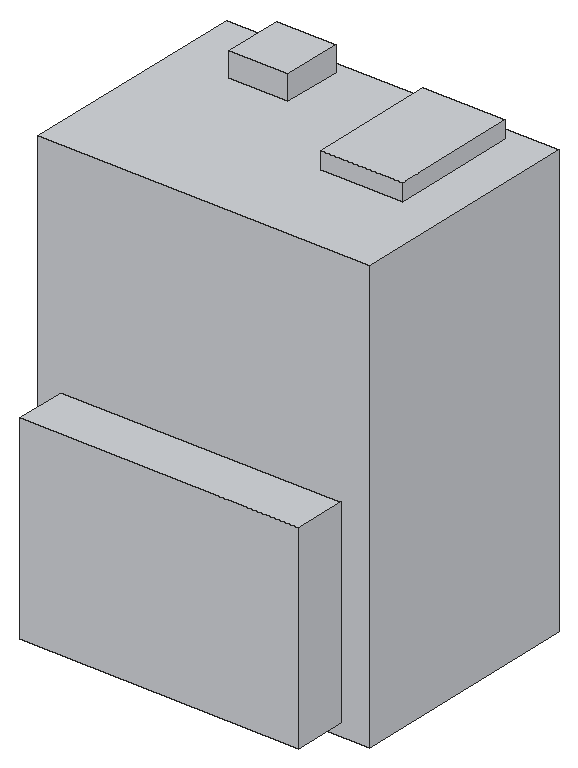
Revit family "M_Unidade de serpentina de ventilador - Vertical - Correia - DX", category Equipamento mecânico, Revit 2019
Family settings
  Cota do conector redondo = Usar raio
  Tipo de parte = Normal
  Número OmniClass = 23.75.70.17.27
  Título OmniClass = Fan Coil Units
  ID de item do Seek = Fan Coil Unit - Vertical - Belt Drive - DX-0000-CAN-ENU
  Com base no plano de trabalho = Não
  Sempre na vertical = Sim
  Corte com vazios quando carregada = Não
  Compartilhado = Não
  Ponto de cálculo do ambiente = Não
Parameters (values of type "282 LPS")
  Voltagem = 120 V
  Largura da unidade = 508 mm
  Comprimento da unidade = 712.8 mm
  Altura da unidade = 927.1 mm
  Capacidade de resfriamento total = 5714.89 W
  Largura do ar de fornecimento = 175 mm
  Altura do ar de fornecimento = 275 mm
  Capacidade de resfriamento perceptível = 4249.53 W
  Largura do ar de retorno = 600 mm
  Altura do ar de retorno = 425 mm
  Raio do retorno refrigerante = 20 mm
  Diâmetro do retorno refrigerante = Raio do retorno refrigerante * 2  # 40 mm
  Número de pólos = 1
  Fluxo de ar nominal [instance] = 283.17 L/s
  Classificação de carga = Refrigeração
  Queda de pressão da água do aquecimento [instance] = 0.0 Pa
  Fluxo de água do aquecimento [instance] = 0.13 L/s
  Capacidade de aquecimento = 13745 W
  Pressão estática externa [instance] = 74.65 Pa
  Raio do fornecimento refrigerante = 20 mm
  Queda de pressão refrigerante [instance] = 77910.8 Pa
  Diâmetro do fornecimento refrigerante = Raio do fornecimento refrigerante * 2  # 40 mm
  Fluxo da drenagem [instance] = 0.0 L/s
  Material CFU = none
  C6 Deslocamento 1 = 95.3 mm
  C4 Deslocamento 2 = 177.8 mm
  C4 Deslocamento 1 = 393.7 mm
  C3 Deslocamento 2 = 88.9 mm
  C3 Deslocamento 1 = 177.8 mm
  C2 Deslocamento 2 = 323.9 mm
  C1 Deslocamento 2 = 155.6 mm
  C1 Deslocamento 1 = 150.8 mm
  Assembly Code = ""
  Carga aparente = 3413 VA
Types (8, lengths in mm): name | Voltagem | Largura da unidade | Comprimento da unidade | Altura da unidade | Capacidade de resfriamento total | Largura do ar de fornecimento | Altura do ar de fornecimento | Capacidade de resfriamento perceptível | Largura do ar de retorno | Altura do ar de retorno | Raio do retorno refrigerante | Diâmetro do retorno refrigerante | Número de pólos | Fluxo de ar nominal | Fluxo de água do aquecimento | Capacidade de aquecimento | Raio do fornecimento refrigerante | Queda de pressão refrigerante | Diâmetro do fornecimento refrigerante | Material CFU | C6 Deslocamento 1 | C4 Deslocamento 2 | C4 Deslocamento 1 | C3 Deslocamento 2 | C3 Deslocamento 1 | C2 Deslocamento 2 | C1 Deslocamento 2 | Carga aparente
  282 LPS | 120 V | 508 | 712.8 | 927.1 | 5714.89 W | 175 | 275 | 4249.53 W | 600 | 425 | 20 | 40 | 1 | 283.17 L/s | 0.13 L/s | 13745 W | 20 | 77910.8 Pa | 40 | none | 95.3 | 177.8 | 393.7 | 88.9 | 177.8 | 323.9 | 155.6 | 3413 VA
  376 LPS | 120 V | 508 | 712.8 | 927.1 | 7297.47 W | 225 | 275 | 5451.12 W | 600 | 425 | 20 | 40 | 1 | 377.56 L/s | 0.13 L/s | 13745 W | 20 | 138584.6 Pa | 40 | none | 95.3 | 177.8 | 393.7 | 88.9 | 177.8 | 323.9 | 155.6 | 3413 VA
  470 LPS | 120 V | 558.8 | 941.4 | 1000.1 | 10140.3 W | 200 | 300 | 7297.47 W | 850 | 450 | 20 | 40 | 1 | 471.95 L/s | 0.13 L/s | 13745 W | 20 | 246832.3 Pa | 40 | none | 139.7 | 177.8 | 435 | 130.2 | 177.8 | 365.1 | 196.9 | 3413 VA
  564 LPS | 120 V | 558.8 | 941.4 | 1000.1 | 11664.2 W | 250 | 300 | 8469.75 W | 850 | 450 | 20 | 40 | 1 | 566.34 L/s | 0.19 L/s | 20075.4 W | 20 | 355080.0 Pa | 40 | none | 139.7 | 177.8 | 435 | 130.2 | 177.8 | 365.1 | 196.9 | 5119.5 VA
  752 LPS | 120 V | 558.8 | 1195.4 | 1000.1 | 15943.1 W | 325 | 325 | 11459.1 W | 1100 | 450 | 25 | 50 | 1 | 755.12 L/s | 0.19 L/s | 25702.3 W | 25 | 298543.0 Pa | 50 | none | 419.1 | 177.8 | 304.8 | 269.9 | 244.5 | 396.9 | 196.9 | 8532.5 VA
  940 LPS | 120 V | 609.6 | 1220.8 | 1146.2 | 20104.7 W | 325 | 350 | 14331.2 W | 1100 | 550 | 25 | 50 | 1 | 943.89 L/s | 0.25 L/s | 30743.2 W | 25 | 499869.9 Pa | 50 | none | 452.4 | 177.8 | 338.1 | 303.2 | 244.5 | 462 | 198.4 | 11945.5 VA
  1410 LPS | 120 V | 711.2 | 1220.8 | 1376.4 | 30127.7 W | 400 | 350 | 21570 W | 1100 | 750 | 40 | 80 | 1 | 1415.84 L/s | 0.38 L/s | 43726.2 W | 40 | 317158.8 Pa | 80 | none | 409.6 | 203.2 | 417.5 | 357.2 | 244.5 | 668.3 | 150.8 | 20478 VA
  1880 LPS | 208 V | 711.2 | 1576.4 | 1463.7 | 43345.2 W | 425 | 400 | 30098.4 W | 1450 | 725 | 40 | 80 | 3 | 1887.79 L/s | 0.44 L/s | 53456.2 W | 40 | 777039.1 Pa | 80 | Barreira de infiltração de ar | 581 | 203.2 | 417.5 | 357.2 | 244.5 | 668.3 | 150.8 | 20478 VA
Reference planes
  plane 1 "Centro (Frente/Trás)": y = 0
  plane 2: z = 0
  plane 3 "Centro (Esquerda/Direita)": x = 0
  plane 4: x = 712.8
  plane 5: y = 508
  plane 6: y = 482.6
  plane 7: x = 617.5
  plane 8: x = 442.5
  plane 9: y = 207.6
  plane 10: z = 927.1
  plane 11: z = 25.4
  plane 12: x = 50.8
  plane 13: x = 650.8
  plane 14: z = 450.4
  plane 15: y = -111.125
  plane 16: z = 963.613
  plane 17: z = 979.488
  plane 18: x = 253.588
  plane 19: y = 355.6
  plane 20: x = 126.588
  plane 21: x = -25.4
  plane 22: z = 155.6
  plane 23: y = 150.8
  plane 24: y = 68.262
  plane 25: z = 323.9
  plane 26: y = 177.8
  plane 27: z = 88.9
  plane 28: y = 393.7
  plane 29: z = 177.8
  plane 30: y = 219.075
  plane 31: z = 41.275
Forms (mm)
  Extrusion 1, solid, material <- "Material CFU"
    sketch origin (0, 0, 0) x (1, 0, 0) y (0, 1, 0)
      loop
        line (0, 508) -> (0, 0) -> (712.8, 0) -> (712.8, 508) -> (0, 508)
    from 0 to 927.1
  Extrusion 2, solid, material <- "Material CFU"
    sketch origin (0, 0, 0) x (1, 0, 0) y (0, 0, 1)
      loop
        line (50.8, 450.4) -> (50.8, 25.4) -> (650.8, 25.4) -> (650.8, 450.4) -> (50.8, 450.4)
    from 0 to 111.125
  Extrusion 3, solid, material <- "Material CFU"
    sketch origin (0, 0, 0) x (1, 0, 0) y (0, 1, 0)
      loop
        line (442.5, 482.6) -> (442.5, 207.6) -> (617.5, 207.6) -> (617.5, 482.6) -> (442.5, 482.6)
    from 927.1 to 963.613
  Extrusion 4, solid, material <- "Material CFU"
    sketch origin (0, 0, 0) x (1, 0, 0) y (0, 1, 0)
      loop
        line (126.588, 482.6) -> (126.588, 355.6) -> (253.588, 355.6) -> (253.588, 482.6) -> (126.588, 482.6)
    from 927.1 to 979.488
  Extrusion 5, solid, material <- "Material CFU"
    sketch origin (0, 0, 0) x (0, 1, 0) y (0, 0, 1)
      loop
        circle (150.8, 155.6) r 20
    from -25.4 to 0
  Extrusion 6, solid, material <- "Material CFU"
    sketch origin (0, 0, 0) x (0, 1, 0) y (0, 0, 1)
      loop
        circle (68.262, 323.9) r 20
    from -25.4 to 0
  Extrusion 7, solid, material <- "Material CFU"
    sketch origin (0, 0, 0) x (0, 1, 0) y (0, 0, 1)
      loop
        circle (177.8, 88.9) r 6.35
    from -25.4 to 0
  Extrusion 8, solid, material <- "Material CFU"
    sketch origin (0, 0, 0) x (0, 1, 0) y (0, 0, 1)
      loop
        circle (393.7, 177.8) r 6.35
    from -25.4 to 0
  Extrusion 9, solid, material <- "Material CFU"
    sketch origin (0, 0, 0) x (0, 1, 0) y (0, 0, 1)
      loop
        circle (219.075, 41.275) r 9.525
    from -25.4 to 0
Cuts and joins
  joined: Extrusion 1, Extrusion 2, Extrusion 3, Extrusion 4, Extrusion 5, Extrusion 6, Extrusion 7, Extrusion 8, Extrusion 9
Dimensions and locks
  "Comprimento da unidade": plane 3 "Centro (Esquerda/Direita)" to plane 4
  "Largura da unidade": plane 5 to plane 1 "Centro (Frente/Trás)"
  locked: plane 5 to plane 6 at 25.4
  "C6 Deslocamento 1": plane 7 to plane 4
  "Largura do ar de fornecimento": plane 8 to plane 7
  "Altura do ar de fornecimento": plane 6 to plane 9
  "Altura da unidade": plane 10 to plane 2
  locked: plane 11 to plane 2 at 25.4
  locked: plane 3 "Centro (Esquerda/Direita)" to plane 12 at 50.8
  "Largura do ar de retorno": plane 13 to plane 12
  "Altura do ar de retorno": plane 14 to plane 11
  locked: plane 16 to plane 10 at 36.513
  locked: plane 17 to plane 10 at 52.388
  locked: plane 18 to plane 8 at 188.913
  locked: plane 6 to plane 19 at 127
  locked: plane 20 to plane 18 at 127
  locked: plane 1 "Centro (Frente/Trás)" to plane 15 at 111.125
  locked: plane 21 to plane 3 "Centro (Esquerda/Direita)" at 25.4
  "C1 Deslocamento 2": plane 2 to plane 22
  "C1 Deslocamento 1": plane 23 to plane 1 "Centro (Frente/Trás)"
  locked: plane 24 to plane 1 "Centro (Frente/Trás)" at 68.263
  "C2 Deslocamento 2": plane 2 to plane 25
  "C3 Deslocamento 1": plane 26 to plane 1 "Centro (Frente/Trás)"
  "C3 Deslocamento 2": plane 27 to plane 2
  "C4 Deslocamento 1": plane 28 to plane 1 "Centro (Frente/Trás)"
  "C4 Deslocamento 2": plane 29 to plane 2
  locked: plane 30 to plane 1 "Centro (Frente/Trás)" at 219.075
  locked: plane 31 to plane 2 at 41.275
  "Raio do fornecimento refrigerante": radius of Extrusion 5 sketch curve
  "Raio do fornecimento refrigerante": radius of Extrusion 6 sketch curve
  radius of Extrusion 8 sketch curve = 6.35 mm
  radius of Extrusion 9 sketch curve = 9.525 mm
  aligned and locked: plane 3 "Centro (Esquerda/Direita)" to Extrusion 1 sketch curve
  aligned and locked: Extrusion 1 sketch curve to plane 1 "Centro (Frente/Trás)"
  aligned and locked: Extrusion 1 sketch curve to plane 4
  aligned and locked: Extrusion 1 to plane 2
  aligned and locked: plane 10 to Extrusion 1
  aligned and locked: Extrusion 2 sketch curve to plane 14
  aligned and locked: Extrusion 2 sketch curve to plane 12
  aligned and locked: Extrusion 2 sketch curve to plane 13
  aligned and locked: plane 11 to Extrusion 2 sketch curve
  aligned and locked: Extrusion 2 to plane 1 "Centro (Frente/Trás)"
  aligned and locked: Extrusion 2 to plane 15
  aligned and locked: Extrusion 3 sketch curve to plane 7
  aligned and locked: plane 9 to Extrusion 3 sketch curve
  aligned and locked: plane 8 to Extrusion 3 sketch curve
  aligned and locked: Extrusion 3 sketch curve to plane 6
  aligned and locked: plane 16 to Extrusion 3
  aligned and locked: Extrusion 3 to plane 10
  aligned and locked: Extrusion 4 sketch curve to plane 18
  aligned and locked: plane 19 to Extrusion 4 sketch curve
  aligned and locked: plane 20 to Extrusion 4 sketch curve
  aligned and locked: Extrusion 4 sketch curve to plane 6
  aligned and locked: plane 17 to Extrusion 4
  aligned and locked: Extrusion 4 to plane 10
  aligned and locked: plane 22 to Extrusion 5 sketch curve
  aligned and locked: plane 23 to Extrusion 5 sketch curve
  aligned and locked: plane 25 to Extrusion 6 sketch curve
  aligned and locked: Extrusion 6 sketch curve to plane 24
  aligned and locked: Extrusion 5 to plane 3 "Centro (Esquerda/Direita)"
  aligned and locked: Extrusion 5 to plane 21
  aligned and locked: Extrusion 6 to plane 3 "Centro (Esquerda/Direita)"
  aligned and locked: Extrusion 6 to plane 21
  aligned and locked: Extrusion 7 sketch curve to plane 27
  aligned and locked: plane 26 to Extrusion 7 sketch curve
  aligned and locked: Extrusion 7 to plane 21
  aligned and locked: plane 3 "Centro (Esquerda/Direita)" to Extrusion 7
  aligned and locked: plane 29 to Extrusion 8 sketch curve
  aligned and locked: plane 28 to Extrusion 8 sketch curve
  aligned and locked: Extrusion 8 to plane 21
  aligned and locked: plane 3 "Centro (Esquerda/Direita)" to Extrusion 8
  aligned and locked: plane 31 to Extrusion 9 sketch curve
  aligned and locked: plane 30 to Extrusion 9 sketch curve
  aligned and locked: Extrusion 9 to plane 21
  aligned and locked: plane 3 "Centro (Esquerda/Direita)" to Extrusion 9
  aligned and locked: Extrusion 1 sketch curve to plane 5
Automatic sketch dimensions
  radius of Extrusion 7 sketch curve = 6.35 mm
Connectors
  piping at (-25.4, 150.8, 155.6), diameter 40, driven by "Raio do fornecimento refrigerante"
    settings: on cut or joined group 1 (Extrusion 1, Extrusion 2, Extrusion 3, Extrusion 4, Extrusion 5, Extrusion 6, Extrusion 7, Extrusion 8, Extrusion 9), index 1, connector inside diameter 40 mm, connector length 0 mm, flow factor 0, pipe flow 0.0 L/s, pressure drop 0.0 Pa, fitting loss kfactor 0, connector angle 0.00°, fixture units 0, engagement length 0 mm, angle of deflection 0.00°, flow configuration 1, flow direction 1, fitting loss method 0, system type 22, joint type 0, gender type 0, connector reference index 2, connector utility 0, adjustable connector no, is connector primary yes, connector description "Refrigerante, entrada"
  piping at (-25.4, 68.262, 323.9), diameter 40, driven by "Raio do retorno refrigerante"
    settings: on cut or joined group 1, index 2, connector inside diameter 40 mm, connector length 0 mm, flow factor 0, pipe flow 0.0 L/s, pressure drop 0.0 Pa, fitting loss kfactor 0, connector angle 0.00°, fixture units 0, engagement length 0 mm, angle of deflection 0.00°, flow configuration 1, flow direction 2, fitting loss method 0, system type 22, joint type 0, gender type 0, connector reference index 1, connector utility 0, adjustable connector no, is connector primary no, connector description "Refrigerante, saída"
  piping at (-25.4, 177.8, 88.9), diameter 12.7, driven by "Fluxo de água do aquecimento"
    settings: on cut or joined group 1, index 3, connector inside diameter 12.7 mm, connector length 0 mm, flow factor 0, pipe flow 0.13 L/s, pressure drop 0.0 Pa, fitting loss kfactor 0, connector angle 0.00°, fixture units 0, engagement length 0 mm, angle of deflection 0.00°, flow configuration 1, flow direction 1, fitting loss method 4, system type 7, joint type 0, gender type 0, connector reference index 4, connector utility 0, adjustable connector no, is connector primary no, connector description "Água do aquecimento,Entrada"
  piping at (-25.4, 393.7, 177.8), diameter 12.7, driven by "Fluxo de água do aquecimento", driven by "Queda de pressão da água do aquecimento"
    settings: on cut or joined group 1, index 4, connector inside diameter 12.7 mm, connector length 0 mm, flow factor 0, pipe flow 0.13 L/s, pressure drop 0.0 Pa, fitting loss kfactor 0, connector angle 0.00°, fixture units 0, engagement length 0 mm, angle of deflection 0.00°, flow configuration 1, flow direction 2, fitting loss method 4, system type 8, joint type 0, gender type 0, connector reference index 3, connector utility 0, adjustable connector no, is connector primary no, connector description "Água do aquecimento,Saída"
  piping at (-25.4, 219.075, 41.275), diameter 19.05, driven by "Fluxo da drenagem"
    settings: on cut or joined group 1, index 5, connector inside diameter 19.05 mm, connector length 0 mm, flow factor 0, pipe flow 0.0 L/s, pressure drop 0.0 Pa, fitting loss kfactor 0, connector angle 0.00°, fixture units 0, engagement length 0 mm, angle of deflection 0.00°, flow configuration 1, flow direction 2, fitting loss method 0, system type 16, joint type 0, gender type 0, connector reference index -1, connector utility 0, adjustable connector yes, is connector primary no, connector description "Drenagem,Saída"
  hvac at (530, 345.1, 963.613), driven by "Fluxo de ar nominal", driven by "Altura do ar de fornecimento", driven by "Largura do ar de fornecimento"
    settings: on Extrusion 3, index 6, duct flow 283.17 L/s, flow factor 0, pres drop 0.0 Pa, loss coef 0, conn angle 0.00°, conn width 175 mm, conn height 275 mm, conn diameter 609.6 mm, duct sys type 1, conn prof type 1, flow config 0, flow direction 2, loss method 0, conn ref index 7, conn util no, is conn primary yes, conn desc ""
  hvac at (350.8, -111.125, 237.9), driven by "Fluxo de ar nominal", driven by "Altura do ar de retorno", driven by "Largura do ar de retorno"
    settings: on cut or joined group 1, index 7, duct flow 283.17 L/s, flow factor 0, pres drop 0.0 Pa, loss coef 0, conn angle 0.00°, conn width 600 mm, conn height 425 mm, conn diameter 609.6 mm, duct sys type 2, conn prof type 1, flow config 0, flow direction 1, loss method 0, conn ref index 6, conn util no, is conn primary no, conn desc ""
  electrical at (190.088, 419.1, 979.488), driven by "Carga aparente", driven by "Voltagem", driven by "Número de pólos", driven by "Classificação de carga"
    settings: on Extrusion 4, index 8, voltage 120 V, apparent load 3413 VA, apparent load phase1 0 VA, apparent load phase2 0 VA, apparent load phase3 0 VA, power factor 0.8, load classification "Refrigeração", number of poles 1, system type 30, power factor state 1, is connector primary yes, connector utility no, sub classification motor no, connector description ""
